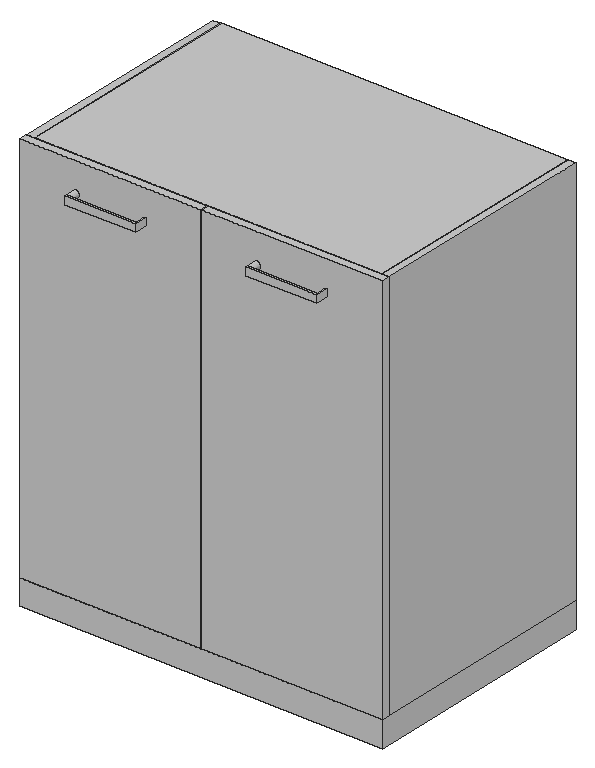
Revit family "Haworth_Masters_FreestandingStorageUnit", category Furniture Systems, Revit 2018
Family settings
  Round Connector Dimension = Use Diameter
  Part Type = Normal
  OmniClass Number = 23.40.70.14.64.21
  OmniClass Title = Systems Furniture
  Work Plane-Based = No
  Always vertical = Yes
  Cut with Voids When Loaded = No
  Shared = No
  Room Calculation Point = No
Parameters (values of type "24d 36w 41h - Hinged Doors")
  Width = 36"
  Warranty = "http://www.haworth.com/resources/product-info/warranties"
  URL - Product = "https://www.haworth.com/products/desks/freestanding/masters-series"
  Sustainability Info = "https://www.haworth.com/company-info/sustainability"
  Pull Finish [instance] = Haworth _ Metal _ Brushed Aluminum
  Open = not(Doors)  # no
  Model = "Haworth Masters"  # constant formula
  URL = "http://www.haworth.com/"
  Size = "Verify Final Dim. w/ Haworth"  # constant formula
  Shelf Spacing = 12 25/32"  # constant formula
  Revision Number = "1"  # constant formula
  Min. Width = 30"  # constant formula
  Min. Depth = 19"  # constant formula
  Max. Width = 36"  # constant formula
  Max. Depth = 24"  # constant formula
  Manufacturer = "Haworth"  # constant formula
  Linear Pull = no
  Finger Pull = not(or(Bar Pull, Linear Pull, Classic Pull))  # no
  Drawer Width = Actual Width - 1 1/2"  # 34 1/2"
  Drawer Height = Actual Height - 2 9/16"  # 39 1/16"
  Drawer Depth = Actual Depth - 1 19/32"  # 22 13/32"
  Doors = yes
  Door Width = Actual Width / 2  # 18"
  Description = "Haworth  - Masters - Freestanding - Storage Unit with Hinged Doors - 24d 36w 41h"
  Depth = 24"
  Custom Size = not(and(or(Width = 30", Width = 36"), or(Depth = 19", Depth = 24")))  # no
  Classic Pull = yes
  Cabinet Finish [instance] = Haworth _ Paint _ Putty
  Bar Pull = no
  Author = "Haworth (Alias)"  # constant formula
  Assembly Code = "E2020200"
  Actual Width = if(Width < Min. Width, Min. Width, if(Width > Max. Width, Max. Width, Width))  # 36"
  Actual Height = 41 5/8"  # constant formula
  Actual Depth = if(Depth < Min. Depth, Min. Depth, if(Depth > Max. Depth, Max. Depth, Depth))  # 24"
  Standard Widths = "30, 36 in."  # constant formula
Types (8): name | Width | Open | Drawer Width | Drawer Depth | Doors | Door Width | Description | Depth | Custom Size | Actual Width | Actual Depth
  19d 36w 41h - Open | 36" | yes | 34 1/2" | 17 13/32" | no | 18" | "Haworth  - Masters - Freestanding - Open Storage Unit - 19d 36w 41h" | 0" | yes | 36" | 19"
  19d 30w 41h - Open | 30" | yes | 28 1/2" | 17 13/32" | no | 15" | "Haworth  - Masters - Freestanding - Open Storage Unit - 19d 30w 41h" | 19" | no | 30" | 19"
  24d 30w 41h - Open | 30" | yes | 28 1/2" | 22 13/32" | no | 15" | "Haworth  - Masters - Freestanding - Open Storage Unit - 24d 30w 41h" | 24" | no | 30" | 24"
  24d 36w 41h - Open | 36" | yes | 34 1/2" | 22 13/32" | no | 18" | "Haworth  - Masters - Freestanding - Open Storage Unit - 24d 36w 41h" | 24" | no | 36" | 24"
  24d 36w 41h - Hinged Doors | 36" | no | 34 1/2" | 22 13/32" | yes | 18" | "Haworth  - Masters - Freestanding - Storage Unit with Hinged Doors - 24d 36w 41h" | 24" | no | 36" | 24"
  24d 30w 41h - Hinged Doors | 30" | no | 28 1/2" | 22 13/32" | yes | 15" | "Haworth  - Masters - Freestanding - Storage Unit with Hinged Doors - 24d 30w 41h" | 24" | no | 30" | 24"
  19d 36w 41h - Hinged Doors | 36" | no | 34 1/2" | 17 13/32" | yes | 18" | "Haworth  - Masters - Freestanding - Storage Unit with Hinged Doors - 19d 36w 41h" | 19" | no | 36" | 19"
  19d 30w 41h - Hinged Doors | 30" | no | 28 1/2" | 17 13/32" | yes | 15" | "Haworth  - Masters - Freestanding - Storage Unit with Hinged Doors - 19d 30w 41h" | 19" | no | 30" | 19"
Reference planes (in)
  plane 1 "Back": y = 2.5
  plane 2: z = 0
  plane 3 "Center L/R": x = 0
  plane 4 "Left": x = -18
  plane 5 "Right": x = 18
  plane 6 "Front": y = -21.5
  plane 7 "Top": z = 41.625
  plane 8 "Bottom of Top": z = 40.87401
  plane 9 "Bottom Drawer": z = 2.5625
  plane 10: x = -17.25
  plane 11: x = 17.25
  plane 12 "Center F/B": y = -9.5
  plane 13: y = 1.75
  plane 14 "Inside Door": y = -20.65625
Forms (in)
  Extrusion 1, solid, material "Haworth _ Paint _ Putty" <- "Cabinet Finish"
    sketch origin (114.68227, -6.06265, 0) x (1, 0, 0) y (0, 1, 0)
      loop
        line (-132.68227, 8.56265) -> (-132.68227, -14.5936) -> (-131.93227, -14.5936) -> (-131.93227, 8.56265) -> (-132.68227, 8.56265)
      loop
        line (-96.68227, 8.56265) -> (-97.43227, 8.56265) -> (-97.43227, -14.5936) -> (-96.68227, -14.5936) -> (-96.68227, 8.56265)
    from 2.5625 to 41.625
  Extrusion 2, solid, material "Haworth _ Paint _ Putty" <- "Cabinet Finish"
    sketch origin (0, 0, 0) x (1, 0, 0) y (0, 1, 0)
      loop
        line (-17.25, 2.5) -> (-17.25, -20.65625) -> (17.25, -20.65625) -> (17.25, 2.5) -> (-17.25, 2.5)
    from 40.87401 to 41.625
  Extrusion 3, solid, material "Haworth _ Paint _ Putty" <- "Cabinet Finish"
    sketch origin (0, 0, -18.75) x (1, 0, 0) y (0, 1, 0)
      loop
        line (-18, 2.5) -> (-18, -21.5) -> (18, -21.5) -> (18, 2.5) -> (-18, 2.5)
    from 18.75 to 21.3125
  Extrusion 4, solid, material "Haworth _ Paint _ Putty" <- "Cabinet Finish"
    sketch origin (0, 0, 0) x (1, 0, 0) y (0, 1, 0)
      loop
        line (-17.25, 2.5) -> (-17.25, 1.75) -> (17.25, 1.75) -> (17.25, 2.5) -> (-17.25, 2.5)
    from 2.5625 to 40.87401
Lines and regions (in)
  Masking region 1
    outline origin (0, 0, 0) x (1, 0, 0) y (0, 1, 0)
      loop
        line (-18, 2.5) -> (-18, -21.5) -> (18, -21.5) -> (18, 2.5) -> (-18, 2.5)
Dimensions and locks (in)
  "Actual Depth": plane 1 "Back" to plane 6 "Front"
  "Actual Width": plane 4 "Left" to plane 5 "Right"
  locked: plane 7 "Top" to plane 8 "Bottom of Top" at 0.75099
  group 2 to group 1 = 0"
  group 1 to group 2 = 0"
  group 1 to group 2 = 12.74901"
  equal spacing: plane 4 "Left", plane 3 "Center L/R", plane 5 "Right"
  "Actual Height": plane 7 "Top" to level
  locked: plane 10 to plane 4 "Left" at 0.75
  locked: plane 5 "Right" to plane 11 at 0.75
  "Shelf Spacing": plane 8 "Bottom of Top" to nested 2
  equal spacing: plane 1 "Back", plane 12 "Center F/B", plane 6 "Front"
  "Shelf Spacing": nested 1 to plane 9 "Bottom Drawer"
  locked: plane 9 "Bottom Drawer" to plane 2 at 2.5625
  locked: plane 13 to plane 1 "Back" at 0.75
  locked: plane 14 "Inside Door" to plane 6 "Front" at 0.84375
  aligned and locked: plane 1 "Back" to Extrusion 1 sketch curve  (x2)
  aligned and locked: Extrusion 1 to plane 4 "Left"
  aligned and locked: Extrusion 1 to plane 5 "Right"
  aligned and locked: plane 1 "Back" to Extrusion 2 sketch curve
  aligned and locked: plane 7 "Top" to Extrusion 2
  aligned and locked: Extrusion 2 to plane 8 "Bottom of Top"
  aligned and locked: plane 3 "Center L/R" to nested 1
  aligned and locked: level to plane 2
  aligned and locked: plane 5 "Right" to Extrusion 1 sketch curve
  aligned and locked: plane 4 "Left" to Extrusion 1 sketch curve
  aligned and locked: Extrusion 1 sketch curve to plane 10
  aligned and locked: Extrusion 1 sketch curve to plane 11
  aligned and locked: Extrusion 1 to plane 9 "Bottom Drawer"
  aligned and locked: plane 9 "Bottom Drawer" to Extrusion 3
  aligned and locked: plane 4 "Left" to Extrusion 3 sketch curve
  aligned and locked: plane 5 "Right" to Extrusion 3 sketch curve
  aligned and locked: plane 1 "Back" to Extrusion 3 sketch curve
  aligned and locked: Extrusion 3 to plane 6 "Front"
  aligned and locked: Masking region 1 to plane 6 "Front"
  aligned and locked: plane 5 "Right" to Masking region 1 sketch curve
  aligned and locked: plane 4 "Left" to Masking region 1 sketch curve
  aligned and locked: plane 6 "Front" to Masking region 1 sketch curve
  aligned and locked: plane 9 "Bottom Drawer" to nested 3
  aligned and locked: plane 9 "Bottom Drawer" to nested 4
  aligned and locked: plane 4 "Left" to nested 3
  aligned and locked: plane 5 "Right" to nested 4
  aligned and locked: nested 4 to plane 6 "Front"
  aligned and locked: nested 3 to plane 6 "Front"
  aligned and locked: plane 10 to Extrusion 2 sketch curve
  aligned and locked: Extrusion 2 sketch curve to plane 11
  aligned and locked: plane 7 "Top" to Extrusion 1
  aligned and locked: Extrusion 4 sketch curve to plane 13
  aligned and locked: plane 1 "Back" to Extrusion 4 sketch curve
  aligned and locked: Extrusion 4 sketch curve to plane 11
  aligned and locked: plane 10 to Extrusion 4 sketch curve
  aligned and locked: Extrusion 4 to plane 9 "Bottom Drawer"
  aligned and locked: plane 8 "Bottom of Top" to Extrusion 4
  aligned and locked: plane 14 "Inside Door" to Extrusion 2 sketch curve
  aligned and locked: Extrusion 1 sketch curve to plane 14 "Inside Door"  (x2)
  aligned and locked: plane 13 to nested 2
  aligned and locked: plane 13 to nested 1
  aligned and locked: Extrusion 3 to plane 2
  aligned and locked: plane 1 "Back" to Masking region 1 sketch curve
Automatic sketch dimensions
  Extrusion 3 sketch curve to plane 6 "Front" = 0"
Nested families (in)
  nested 1: "Haworth_Shelf" at (0, -9.5, 14.96875), type "Shelf"
    with Drawer Width 34 1/2", Drawer Depth 22 13/32"
  nested 2: "Haworth_Shelf" at (0, -9.5, 27.71776), type "Shelf"
    with Drawer Width 34 1/2", Drawer Depth 22 13/32"
  nested 3: "Haworth_Masters_Door-Pull_Top" at (-9, -20.48787, 2.5625), Drawer Height <- "Drawer Height", visible <- "Doors", type "Haworth_Door"
    with Drawer Height 39 1/16", Pull Bar no, Pull Classic yes, Door Width 18"
  nested 4: "Haworth_Masters_Door-Pull_Top" at (9, -20.48787, 2.5625), Drawer Height <- "Drawer Height", visible <- "Doors", type "Haworth_Door"
    with Drawer Height 39 1/16", Pull Bar no, Pull Classic yes, Door Width 18"
Definition of nested family "Haworth_Shelf"
  Parameters
    Front Finish = none
    Drawer Width = 28 3/8"
    Drawer Depth = 12"
    Drawer Finish = none
    Assembly Code = ""
  Reference planes (in)
    plane 1 "Drawer Back": y = 11.25
    plane 2: z = 0
    plane 3 "Center L/R": x = 0
    plane 4 "Drawer Front": y = -0.75
    plane 5 "Left": x = -14.1875
    plane 6 "Right": x = 14.1875
    plane 7 "Top": z = 0.75
    plane 8 "Center Elevation": z = 0.375
  Forms (in)
    Extrusion 1, solid, material <- "Drawer Finish"
      sketch origin (-14.1875, 0, 2.25) x (0, 1, 0) y (0, 0, 1)
        loop
          line (11.25, -1.5) -> (-0.75, -1.5) -> (-0.75, -2.25) -> (11.25, -2.25) -> (11.25, -1.5)
      from 0 to 28.375
  Dimensions and locks (in)
    equal spacing: plane 5 "Left", plane 3 "Center L/R", plane 6 "Right"
    "Drawer Width": plane 5 "Left" to plane 6 "Right"
    "Drawer Depth": plane 1 "Drawer Back" to plane 4 "Drawer Front"
    plane 7 "Top" to level = 3/4"
    equal spacing: plane 7 "Top", plane 8 "Center Elevation", level
    aligned and locked: Extrusion 1 to plane 6 "Right"
    aligned and locked: plane 1 "Drawer Back" to Extrusion 1 sketch curve
    aligned and locked: plane 7 "Top" to Extrusion 1 sketch curve
    aligned and locked: level to Extrusion 1 sketch curve
    aligned and locked: Extrusion 1 sketch curve to plane 4 "Drawer Front"
Definition of nested family "Haworth_Masters_Door-Pull_Top"
  Parameters (values of type "Haworth_Door")
    Pull Linear = no
    Pull Height = 3"
    Pull Finish = none
    Pull Bar = yes
    Pull Classic = no
    Door Width = 17 7/8"
    Drawer Height [instance] = 22"
    Drawer Finish = none
    Classic Pull Length = 7 1/16"
    Bar Pull Length = 11 15/16"
    Assembly Code = ""
  Reference planes (in)
    plane 1 "Drawer Back": y = -0.26213
    plane 2: z = 0
    plane 3 "Center L/R": x = 0
    plane 4 "Drawer Front": y = -1.01213
    plane 5 "Left": x = -8.9375
    plane 6 "Right": x = 8.9375
    plane 7 "Top": z = 22
    plane 8 "Pull Location": z = 19
    plane 9: z = 11
  Forms (in)
    Extrusion 1, solid, material <- "Drawer Finish"
      sketch origin (-8.9375, 0, 2.25) x (0, 1, 0) y (0, 0, 1)
        loop
          line (-0.26213, 19.75) -> (-1.01213, 19.75) -> (-1.01213, -2.25) -> (-0.26213, -2.25) -> (-0.26213, 19.75)
      from 0 to 17.875
  Lines and regions (in)
    Masking region 1
      outline origin (0, 0, 0) x (1, 0, 0) y (0, 1, 0)
        loop
          line (-8.9375, -0.26213) -> (-8.9375, -1.01213) -> (8.9375, -1.01213) -> (8.9375, -0.26213) -> (-8.9375, -0.26213)
  Dimensions and locks (in)
    equal spacing: plane 5 "Left", plane 3 "Center L/R", plane 6 "Right"
    "Door Width": plane 5 "Left" to plane 6 "Right"
    locked: plane 1 "Drawer Back" to plane 4 "Drawer Front" at 0.75
    "Drawer Height": plane 7 "Top" to level
    "Pull Height": plane 7 "Top" to plane 8 "Pull Location"
    plane 1 "Drawer Back" to Extrusion 1 = 3/4"
    equal spacing: plane 7 "Top", plane 9, plane 2
    aligned and locked: Extrusion 1 to plane 6 "Right"
    aligned and locked: plane 1 "Drawer Back" to Extrusion 1 sketch curve
    aligned and locked: plane 7 "Top" to Extrusion 1 sketch curve
    aligned: plane 7 "Top" to nested 1
    aligned and locked: nested 1 to plane 4 "Drawer Front"
    aligned and locked: nested 1 to plane 8 "Pull Location"
    aligned and locked: plane 3 "Center L/R" to nested 1
    aligned and locked: plane 4 "Drawer Front" to Masking region 1 sketch curve
    aligned and locked: plane 1 "Drawer Back" to Masking region 1 sketch curve
    aligned and locked: plane 6 "Right" to Masking region 1 sketch curve
    aligned and locked: plane 5 "Left" to Masking region 1 sketch curve
  Automatic sketch dimensions
    Extrusion 1 sketch curve to level = 0"
    Extrusion 1 sketch curve to plane 4 "Drawer Front" = 0"
  Nested families (in)
    nested 1: "Haworth_Drawer-Pulls" at (0, -1.01213, 19), type "Pull", detail levels medium+fine
      with Bar Pull Length 11 15/16", Bar Pull yes
  Definition of nested family "Haworth_Drawer-Pulls"
    Parameters
      Linear = no
      Handle Finish = none
      Classic Pull Length = 7 1/16"
      Classic = no
      Bar Pull Length = 10"
      Bar Pull = no
      Assembly Code = ""
    Reference planes (in)
      plane 1 "Center Front/Back": y = 0
      plane 2: z = 0
      plane 3 "Center Left/Right": x = 0
      plane 4: x = -5
      plane 5: x = 5
      plane 6 "left classic": x = -3.53125
      plane 7 "right classic": x = 3.53125
      plane 8: x = 4.125
      plane 9: x = -4.125
      plane 10: x = -4
      plane 11: x = 4
    Forms (in)
      Extrusion 1, solid, material <- "Handle Finish", visible <- "Linear"
        sketch origin (0, 0, 0.125) x (1, 0, 0) y (0, 1, 0)
          loop
            line (-4, 0) -> (-4, -1.25) -> (4, -1.25) -> (4, 0) -> (3, 0) -> (3, -1) -> (-3, -1) -> (-3, 0) -> (-4, 0)
        from 0 to -0.25
      Extrusion 2, solid, material <- "Handle Finish", visible <- "Classic"
        sketch origin (0, 0, 0.375) x (1, 0, 0) y (0, 0, 1)
          loop
            line (-3.53125, 0) -> (-3.53125, -0.75)
            arc (-3.53125, -0.75) -> (-3.15625, -0.375) -> (-3.53125, 0) r 0.375
        from 0 to 1
      Extrusion 3, solid, material <- "Handle Finish", visible <- "Classic"
        sketch origin (0, 0, 0.375) x (-1, 0, 0) y (0, 0, -1)
          loop
            arc (-3.53125, 0.00132) -> (-3.15757, 0.375) -> (-3.53125, 0.74868) r 0.37368
            line (-3.53125, 0.74868) -> (-3.53125, 0.00132)
        from 0 to 1
      Extrusion 4, solid, material <- "Handle Finish", visible <- "Classic"
        sketch origin (0, 0, 0.375) x (1, 0, 0) y (0, 0, 1)
          loop
            line (-3.53125, 0) -> (-3.53125, -0.75) -> (3.53125, -0.75) -> (3.53125, 0) -> (-3.53125, 0)
        from 1 to 1.25
      Extrusion 5, solid, material <- "Handle Finish", visible <- "Bar Pull"
        sketch origin (3.78314, -0.03024, -1.5) x (1, 0, 0) y (0, 0, 1)
          loop
            circle (0.34186, 1.5) r 0.1875
        from 0 to 1.21976
      Extrusion 6, solid, material <- "Handle Finish", visible <- "Bar Pull"
        sketch origin (0, 0.03125, 0) x (0, 1, 0) y (0, 0, 1)
          loop
            circle (-1.25, 0) r 0.25
        from -5 to 5
      Extrusion 7, solid, material <- "Handle Finish", visible <- "Bar Pull"
        sketch origin (-1.21686, -0.03024, -1.5) x (1, 0, 0) y (0, 0, 1)
          loop
            circle (-2.90814, 1.5) r 0.1875
        from 0 to 1.21976
    Cuts and joins
      joined: Extrusion 2, Extrusion 3, Extrusion 4
      joined: Extrusion 5, Extrusion 6, Extrusion 7
    Dimensions and locks (in)
      equal spacing: plane 5, plane 3 "Center Left/Right", plane 4
      "Bar Pull Length": plane 5 to plane 4
      equal spacing: plane 6 "left classic", plane 3 "Center Left/Right", plane 7 "right classic"
      "Classic Pull Length": plane 6 "left classic" to plane 7 "right classic"
      locked: plane 5 to plane 8 at 0.875
      locked: plane 9 to plane 4 at 0.875
      equal spacing: plane 10, plane 3 "Center Left/Right", plane 11
      plane 10 to plane 11 = 8"
      locked: Extrusion 1 sketch curve to Extrusion 1 sketch curve at 1  (x2)
      aligned and locked: plane 5 to Extrusion 6
      aligned and locked: Extrusion 6 to plane 4
      aligned and locked: plane 6 "left classic" to Extrusion 4 sketch curve
      aligned and locked: plane 7 "right classic" to Extrusion 4 sketch curve
      aligned and locked: plane 7 "right classic" to Extrusion 3 sketch curve
      aligned and locked: Extrusion 2 sketch curve to plane 6 "left classic"
      aligned and locked: plane 8 to Extrusion 5 sketch curve
      aligned and locked: plane 9 to Extrusion 7 sketch curve
      aligned and locked: plane 10 to Extrusion 1 sketch curve
      aligned and locked: Extrusion 1 sketch curve to plane 11
    Automatic sketch dimensions
      Extrusion 2 sketch curve to level = 0"
      Extrusion 2 sketch curve to level = 3/8"
      Extrusion 3 sketch curve to level = 0"
      level to Extrusion 3 sketch curve = 0.37368"
      Extrusion 4 sketch curve to level = 3/8"
      level to Extrusion 4 sketch curve = 3/8"
      level to Extrusion 5 sketch curve = 0"
      level to Extrusion 6 sketch curve = 0"
      plane 1 "Center Front/Back" to Extrusion 6 sketch curve = 1 7/32"
      level to Extrusion 7 sketch curve = 0"
      plane 1 "Center Front/Back" to Extrusion 1 sketch curve = 0"  (x2)
      plane 1 "Center Front/Back" to Extrusion 1 sketch curve = 1"
      Extrusion 1 sketch curve to Extrusion 1 sketch curve = 1/4"
      radius of Extrusion 5 sketch curve = 3/16"
      radius of Extrusion 6 sketch curve = 1/4"
      radius of Extrusion 7 sketch curve = 3/16"
